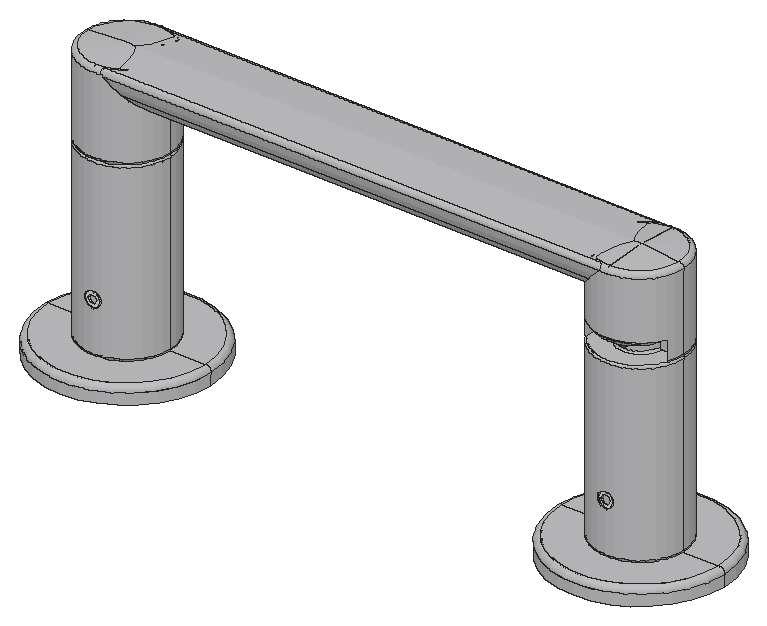
Revit family "Accessory-Tissue_Holder-KALLISTA-Capsule-P34141", category Specialty Equipment, host Face, Revit 2021
Family settings
  Host = Face
  Round Connector Dimension = Use Diameter
  Part Type = Normal
  OmniClass Number = 23.31.25.00
  OmniClass Title = Toilet and Bath Specialties
  Cut with Voids When Loaded = No
  Shared = No
  Room Calculation Point = No
Parameters (values of type "CP-Chrome")
  Width = 3 17/64"  # constant formula
  WaterSense Certified = 1 = 0  # no
  URL = "https://www.kallista.com/"
  Type = 1
  Product Page URL = ""
  Product Name = "Capsule"  # constant formula
  Product Documentation Link = ""
  Model = if(Type = 1, "P34141-00-CP", if(Type = 2, "P34141-00-SN", if(Type = 3, "P34141-00-BAF", if(Type = 4, "P34141-00-BL", if(Type = 5, "P34141-00-BN", "NA")))))  # "P34141-00-CP"
  Material = "Premium Metal Construction"  # constant formula
  Master Format 2014 Name = "Toilet, Bath, and Laundry Accessories"  # constant formula
  Master Format 2014 = "10 28 00"  # constant formula
  Manufacturer Address = "444 Highland Dr, Kohler, WI 53044"  # constant formula
  Manufacturer = "Kallista Co."  # constant formula
  Length = 7 253/256"  # constant formula
  Height = 1 31/32"  # constant formula
  Finish = Kallista-Metal-CP-Chrome
  Environmental Product Declaration = ""
  Description = "Capsule Toilet paper Holder"  # constant formula
  Default Elevation = 42"
  Declare Label = ""
  Date Modified = "08/31/2023"  # constant formula
  Date Created = "08/31/2023"  # constant formula
  Copyright = "Copyright Kallista Co."  # constant formula
  Contact Us = "https://www.kallista.com/corporate/contact-us/"
  Assembly Code = "C1030200"
  ADA Compliant = 1 = 0  # no
Types (6): name | Type | Model | Finish
  (no name) | 1 | "P34141-00-CP" | Kallista-Metal-CP-Chrome
  CP-Chrome | 1 | "P34141-00-CP" | Kallista-Metal-CP-Chrome
  SN-Polished Nickel | 2 | "P34141-00-SN" | Kallista-Metal-SN-Polished_Nickel
  BAF-Brushed French Gold | 3 | "P34141-00-BAF" | Kallista-Metal-BAF-Brushed_French_Gold
  BL-Matte Black | 4 | "P34141-00-BL" | Kalista-Metal-BL-Matte_Black
  BN-Brushed Nickel | 5 | "P34141-00-BN" | Kallista-Metal-BN-Brushed_Nickel
Reference planes (in)
  plane 1 "Center (Front/Back)": y = 0
  plane 2: z = 0
  plane 3 "Center (Left/Right)": x = 0
  plane 4: y = 0.98425
  plane 5: y = -0.9845
  plane 6: x = 3.99409
  plane 7: x = -3.99419
  plane 8: y = 0.50984
  plane 9: y = -0.50984
  plane 10: x = 3.00984
  plane 11: x = 2.02559
  plane 12: x = -3.00984
  plane 13: x = -2.02559
  plane 14: z = 3.26562
  plane 15: z = 3.22982
  plane 16: z = 2.76169
  plane 17: z = 0.19685
  plane 18: x = -3.51969
  plane 19: x = -2.5
  plane 20: x = 2.5
  plane 21: x = 3.51969
Dimensions and locks (in)
  "Height": plane 4 to plane 5
  "Length": plane 7 to plane 6
  plane 12 to plane 10 = 6.01969"
  plane 8 to plane 9 = 1.01969"  (x2)
  plane 18 to plane 19 = 1.01969"
  plane 11 to plane 6 = 1.9685"
  plane 14 to plane 16 = 0.50394"
  plane 7 to plane 6 = 7 253/256"
  plane 14 to level = 3 17/64"
  plane 4 to plane 5 = 1 31/32"
  "Width": level to plane 14
  aligned and locked: plane 2 to host face
  aligned and locked: level to host face
  aligned and locked: plane 6 to nested 1
Automatic sketch dimensions
  host sketch curve to host sketch curve = 96"  (x2)
Nested families (in)
  nested 1: "P34141" at (0, 0, 0), type "P34141"
Definition of nested family "P34141"
  Parameters
    Material = none
    Default Elevation = 0"
  Reference planes (in)
    plane 1 "Center (Front/Back)": y = 0
    plane 2: z = 0
    plane 3 "Center (Left/Right)": x = 0
    plane 4: y = 0.98425
    plane 5: y = -0.98425
    plane 6: x = -3.00984
    plane 7: x = 3.00984
    plane 8: x = -3.99409
    plane 9: x = 3.99409
    plane 10: x = -2.02559
    plane 11: x = 2.02559
    plane 12: y = 0.50984
    plane 13: y = -0.50984
    plane 14: x = -3.51969
    plane 15: x = -2.5
    plane 16: x = 2.5
    plane 17: x = 3.51969
    plane 18: z = 3.26378
    plane 19: z = 0.19685
    plane 20: z = 2.75984
    plane 21: z = 3.22982
  Forms (in)
    Revolve 1, solid, material <- "Material", detail levels medium+fine
      sketch origin (0, 0, 0) x (1, 0, 0) y (0, 0, 1)
        loop
          line (-3.99409, 0) -> (-3.00984, 0) -> (-3.00984, 2.25045) -> (-3.49988, 2.25045)
          arc (-3.49988, 2.25045) -> (-3.51388, 2.24465) -> (-3.51969, 2.23064) r 0.01981
          line (-3.51969, 2.23064) -> (-3.51969, 0.21524)
          arc (-3.51969, 0.21524) -> (-3.51354, 0.20147) -> (-3.4992, 0.19685) r 0.01849
          line (-3.4992, 0.19685) -> (-3.92673, 0.19685)
          arc (-3.92673, 0.19685) -> (-3.97436, 0.17712) -> (-3.99409, 0.12948) r 0.06737
          line (-3.99409, 0.12948) -> (-3.99409, 0)
        axis (-3.00984, 2.25045) -> (-3.00984, 0)
      angle from 0 to 360
    Revolve 2, solid, material <- "Material", detail levels medium+fine
      sketch origin (0, 0, 0) x (1, 0, 0) y (0, 0, 1)
        loop
          line (-3.00984, 3.2645) -> (-3.46466, 3.23104)
          arc (-3.46466, 3.23104) -> (-3.5038, 3.21224) -> (-3.51969, 3.17182) r 0.05938
          line (-3.51969, 3.17182) -> (-3.51969, 2.27724)
          arc (-3.51969, 2.27724) -> (-3.51394, 2.26337) -> (-3.50007, 2.25763) r 0.01961
          line (-3.50007, 2.25763) -> (-3.45324, 2.25763)
          arc (-3.45324, 2.25763) -> (-3.43761, 2.25582) -> (-3.42281, 2.25047) r 0.06821
          line (-3.42281, 2.25047) -> (-3.00984, 2.25047) -> (-3.00984, 3.2645)
        axis (-3.00984, 3.2645) -> (-3.00984, 2.25047)
      angle from 0 to 360
    Extrusion 3, solid, material <- "Material", detail levels medium+fine
      sketch origin (0, 0, 0) x (0, 1, 0) y (0, 0, 1)
        loop
          arc (0.4244, 2.97728) -> (0.47314, 3.06845) -> (0.50251, 3.16757) r 0.51058
          arc (0.50251, 3.16757) -> (0.49397, 3.20606) -> (0.4602, 3.22643) r 0.05004
          arc (0.4602, 3.22643) -> (0.00344, 3.25827) -> (-0.45342, 3.22783) r 3.366
          arc (-0.45342, 3.22783) -> (-0.49079, 3.20529) -> (-0.49996, 3.16263) r 0.05497
          arc (-0.49996, 3.16263) -> (-0.47059, 3.06613) -> (-0.42281, 2.97728) r 0.51058
          arc (-0.42281, 2.97728) -> (0.0008, 2.75174) -> (0.4244, 2.97728) r 0.51058
      from -3.008 to 3.01326
    Revolve 4, solid, material <- "Material", detail levels medium+fine
      sketch origin (0, 0, 0) x (-1, 0, 0) y (0, 0, -1)
        loop
          line (-3.99409, 0) -> (-3.99409, -0.12948)
          arc (-3.99409, -0.12948) -> (-3.97436, -0.17712) -> (-3.92673, -0.19685) r 0.06737
          line (-3.92673, -0.19685) -> (-3.4992, -0.19685)
          arc (-3.4992, -0.19685) -> (-3.51354, -0.20147) -> (-3.51969, -0.21524) r 0.01849
          line (-3.51969, -0.21524) -> (-3.51969, -2.23064)
          arc (-3.51969, -2.23064) -> (-3.51388, -2.24465) -> (-3.49988, -2.25045) r 0.01981
          line (-3.49988, -2.25045) -> (-3.00984, -2.25045) -> (-3.00984, 0) -> (-3.99409, 0)
        axis (-3.00984, -2.25045) -> (-3.00984, 0)
      angle from 0 to 360
    Revolve 5, solid, material <- "Material", detail levels medium+fine
      sketch origin (0, 0, 0) x (-1, 0, 0) y (0, 0, -1)
        loop
          line (-3.00984, -3.2645) -> (-3.00984, -2.25763) -> (-3.50007, -2.25763)
          arc (-3.50007, -2.25763) -> (-3.51394, -2.26337) -> (-3.51969, -2.27724) r 0.01961
          line (-3.51969, -2.27724) -> (-3.51969, -3.17182)
          arc (-3.51969, -3.17182) -> (-3.5038, -3.21224) -> (-3.46466, -3.23104) r 0.05938
          line (-3.46466, -3.23104) -> (-3.00984, -3.2645)
        axis (-3.00984, -3.2645) -> (-3.00984, -2.25763)
      angle from 0 to 360
    Extrusion 6, void
      sketch origin (0, 0, 0) x (0, 1, 0) y (0, 0, 1)
        loop
          line (-0.54248, 2.50197) -> (-0.54248, 2.21692) -> (-0.03487, 2.21692) -> (-0.03487, 2.50197) -> (-0.54248, 2.50197)
      from 2.5855 to 3.48109
    Revolve 7, solid, material <- "Material", detail levels medium+fine
      sketch origin (0, 0, 0) x (1, 0, 0) y (0, 0, 1)
        loop
          line (3.0127, 2.44768) -> (2.80004, 2.44768)
          arc (2.80004, 2.44768) -> (2.77074, 2.43555) -> (2.75861, 2.40625) r 0.04143
          line (2.75861, 2.40625) -> (2.75861, 2.27682)
          arc (2.75861, 2.27682) -> (2.74815, 2.24963) -> (2.72216, 2.23645) r 0.04058
          line (2.72216, 2.23645) -> (3.0127, 2.23645) -> (3.0127, 2.44768)
        axis (3.0127, 2.44768) -> (3.0127, 2.23645)
      angle from 0 to 360
    Extrusion 8, void
      sketch origin (0, 0, 0) x (1, 0, 0) y (0, 0, 1)
        loop
          circle (3.01356, 2.33583) r 0.04992
      from 0.19458 to 0.31142
    Revolve 9, solid, material <- "Material", detail levels medium+fine
      sketch origin (3.0208, 0, 0) x (0, 1, 0) y (0, 0, 1)
        loop
          line (-0.47164, 2.45502) -> (-0.08681, 2.45502) -> (-0.08681, 2.5112) -> (-0.4914, 2.5112) -> (-0.4914, 2.47477)
          arc (-0.4914, 2.47477) -> (-0.48561, 2.4608) -> (-0.47164, 2.45502) r 0.01976
        axis (-0.08681, 2.45502) -> (-0.08681, 2.5112)
      angle from 0 to 360
    Extrusion 10, solid, detail levels medium+fine
      sketch origin (0, 0, 0) x (1, 0, 0) y (0, 0, 1)
        loop
          line (-2.97662, 0.83661) -> (-3.03344, 0.83661) -> (-3.06185, 0.7874) -> (-3.03344, 0.73819) -> (-2.97662, 0.73819) -> (-2.9482, 0.7874) -> (-2.97662, 0.83661)
        loop
          arc (-2.92629, 0.7874) -> (-2.94935, 0.84308) -> (-3.00503, 0.86614) r 0.07874
          arc (-3.00503, 0.86614) -> (-3.06071, 0.84308) -> (-3.08377, 0.7874) r 0.07874
          arc (-3.08377, 0.7874) -> (-3.06071, 0.73172) -> (-3.00503, 0.70866) r 0.07874
          arc (-3.00503, 0.70866) -> (-2.94935, 0.73172) -> (-2.92629, 0.7874) r 0.07874
      from 0.39404 to 0.50919
    Blend 11, void
      base sketch origin (0, 0, 0) x (1, 0, 0) y (0, 0, 1)
        loop
          circle (-3.00503, 0.7874) r 0.10372
      top sketch origin (0, 0, 0) x (1, 0, 0) y (0, 0, 1)
        loop
          circle (-3.00503, 0.7874) r 0.08287
      from 0.48781 to 0.52805
    Extrusion 12, solid, detail levels medium+fine
      sketch origin (0, 0, 0) x (-1, 0, 0) y (0, 0, -1)
        loop
          line (-2.97662, -0.83661) -> (-2.9482, -0.7874) -> (-2.97662, -0.73819) -> (-3.03344, -0.73819) -> (-3.06185, -0.7874) -> (-3.03344, -0.83661) -> (-2.97662, -0.83661)
        loop
          arc (-2.92629, -0.7874) -> (-2.94935, -0.73172) -> (-3.00503, -0.70866) r 0.07874
          arc (-3.00503, -0.70866) -> (-3.06071, -0.73172) -> (-3.08377, -0.7874) r 0.07874
          arc (-3.08377, -0.7874) -> (-3.06071, -0.84308) -> (-3.00503, -0.86614) r 0.07874
          arc (-3.00503, -0.86614) -> (-2.94935, -0.84308) -> (-2.92629, -0.7874) r 0.07874
      from 0.39404 to 0.50042
    Blend 13, void
      base sketch origin (0, 0, 0) x (-1, 0, 0) y (0, 0, -1)
        loop
          circle (-3.00503, -0.7874) r 0.10372
      top sketch origin (0, 0, 0) x (-1, 0, 0) y (0, 0, -1)
        loop
          circle (-3.00503, -0.7874) r 0.08287
      from 0.48781 to 0.52805
    Extrusion 14, solid, material <- "Material", detail levels coarse
      sketch origin (0, 0, 0) x (1, 0, 0) y (0, 1, 0)
        loop
          arc (-3.01859, 0.50984) -> (-3.52843, 0) -> (-3.01859, -0.50984) r 0.50984
          line (-3.01859, -0.50984) -> (3.01444, -0.50984)
          arc (3.01444, -0.50984) -> (3.52428, 0) -> (3.01444, 0.50984) r 0.50984
          line (3.01444, 0.50984) -> (-3.01859, 0.50984)
      from 2.76969 to 3.26274
    Revolve 15, solid, material <- "Material", detail levels coarse
      sketch origin (0, 0, 0) x (1, 0, 0) y (0, 0, 1)
        loop
          line (-3.00984, 2.77854) -> (-3.51969, 2.77854) -> (-3.51969, 0.19685) -> (-3.99409, 0.19685) -> (-3.99409, 0) -> (-3.00984, 0) -> (-3.00984, 2.77854)
        axis (-3.00984, 0) -> (-3.00984, 2.77854)
      angle from 0 to 360
    Revolve 16, solid, material <- "Material", detail levels coarse
      sketch origin (0, 0, 0) x (-1, 0, 0) y (0, 0, -1)
        loop
          line (-3.00984, -2.77826) -> (-3.00984, 0) -> (-3.99409, 0) -> (-3.99409, -0.19685) -> (-3.51969, -0.19685) -> (-3.51969, -2.77826) -> (-3.00984, -2.77826)
        axis (-3.00984, 0) -> (-3.00984, -2.77826)
      angle from 0 to 360
    Extrusion 17, solid, detail levels coarse
      sketch origin (0, 0, 0) x (1, 0, 0) y (0, 0, 1)
        loop
          circle (-2.99665, 0.7895) r 0.10446
      from 0.48004 to 0.51157
    Extrusion 18, solid, detail levels coarse
      sketch origin (0, 0, 0) x (-1, 0, 0) y (0, 0, -1)
        loop
          circle (-2.99665, -0.7895) r 0.10446
      from 0.48004 to 0.51157
    Extrusion 19, solid, detail levels medium+fine
      sketch origin (0, 0, 0) x (1, 0, 0) y (0, 0, 1)
        loop
          circle (3.01356, 2.33583) r 0.04598
      from 0.23175 to 0.26182
    Extrusion 20, void
      sketch origin (0, 0, 0) x (0, 1, 0) y (0, 0, 1)
        loop
          line (-0.52115, 2.5313) -> (-0.52115, 2.25499) -> (-0.3243, 2.25499) -> (-0.3243, 2.5313) -> (-0.52115, 2.5313)
      from 2.41397 to 3.54474
    Extrusion 21, solid, detail levels coarse
      sketch origin (0, 0, 0) x (1, 0, 0) y (0, 0, 1)
        loop
          circle (2.98749, 2.38285) r 0.04593
      from 0.30974 to 0.34463
  Cuts and joins
    Extrusion 6 cuts Revolve 5
    Extrusion 8 cuts Revolve 7
    Blend 11, Blend 13 cuts Revolve 1
    Blend 13 cuts Extrusion 10
    joined: Extrusion 10, Extrusion 12
    Blend 13 cuts Revolve 4
    Extrusion 20 cuts Revolve 16
    joined: Revolve 15, Revolve 16
  Lines and regions (in)
    Masking region 1
      outline origin (0, 0, 0) x (1, 0, 0) y (0, 1, 0)
        loop
          arc (-2.16793, 0.50984) -> (-3.99409, 0) -> (-2.16793, -0.50984) r 0.98425
          line (-2.16793, -0.50984) -> (2.16512, -0.50984)
          arc (2.16512, -0.50984) -> (3.9965, 0) -> (2.16512, 0.50984) r 0.98666
          line (2.16512, 0.50984) -> (-2.16793, 0.50984)
    Masking region 2
      outline origin (0, 0, 0) x (1, 0, 0) y (0, 0, 1)
        loop
          line (3.51969, 0.21776) -> (3.51969, 2.2182)
          arc (3.51969, 2.2182) -> (3.51369, 2.23267) -> (3.49922, 2.23866) r 0.02046
          line (3.49922, 2.23866) -> (3.30334, 2.23866)
          arc (3.30334, 2.23866) -> (3.28451, 2.24397) -> (3.27122, 2.25834) r 0.03606
          line (3.27122, 2.25834) -> (3.4991, 2.25834)
          arc (3.4991, 2.25834) -> (3.51365, 2.26437) -> (3.51969, 2.27893) r 0.02059
          line (3.51969, 2.27893) -> (3.51969, 3.19697)
          arc (3.51969, 3.19697) -> (3.5112, 3.21894) -> (3.49014, 3.2295) r 0.03268
          arc (3.49014, 3.2295) -> (3.13454, 3.25521) -> (2.77811, 3.26378) r 7.41262
          line (2.77811, 3.26378) -> (-2.70296, 3.26378)
          arc (-2.70296, 3.26378) -> (-3.09001, 3.25538) -> (-3.47633, 3.2302) r 8.92179
          arc (-3.47633, 3.2302) -> (-3.50721, 3.21499) -> (-3.51969, 3.18291) r 0.04746
          line (-3.51969, 3.18291) -> (-3.51969, 2.27893)
          arc (-3.51969, 2.27893) -> (-3.51365, 2.26437) -> (-3.4991, 2.25834) r 0.02059
          line (-3.4991, 2.25834) -> (-3.27122, 2.25834)
          arc (-3.27122, 2.25834) -> (-3.28451, 2.24397) -> (-3.30334, 2.23866) r 0.03606
          line (-3.30334, 2.23866) -> (-3.49922, 2.23866)
          arc (-3.49922, 2.23866) -> (-3.51369, 2.23267) -> (-3.51969, 2.2182) r 0.02046
          line (-3.51969, 2.2182) -> (-3.51969, 0.21776)
          arc (-3.51969, 0.21776) -> (-3.51421, 0.20362) -> (-3.50064, 0.19685) r 0.021
          line (-3.50064, 0.19685) -> (-3.94201, 0.19685)
          arc (-3.94201, 0.19685) -> (-3.97884, 0.18159) -> (-3.99409, 0.14477) r 0.05209
          line (-3.99409, 0.14477) -> (-3.99409, 0) -> (-2.02559, 0) -> (-2.02559, 0.13422)
          arc (-2.02559, 0.13422) -> (-2.04393, 0.17851) -> (-2.08822, 0.19685) r 0.06263
          line (-2.08822, 0.19685) -> (-2.51904, 0.19685)
          arc (-2.51904, 0.19685) -> (-2.50547, 0.20362) -> (-2.5, 0.21776) r 0.021
          line (-2.5, 0.21776) -> (-2.5, 2.2182)
          arc (-2.5, 2.2182) -> (-2.50599, 2.23267) -> (-2.52046, 2.23866) r 0.02046
          line (-2.52046, 2.23866) -> (-2.71634, 2.23866)
          arc (-2.71634, 2.23866) -> (-2.73518, 2.24397) -> (-2.74847, 2.25834) r 0.03606
          line (-2.74847, 2.25834) -> (-2.52059, 2.25834)
          arc (-2.52059, 2.25834) -> (-2.50603, 2.26437) -> (-2.5, 2.27893) r 0.02059
          line (-2.5, 2.27893) -> (-2.5, 2.41373)
          arc (-2.5, 2.41373) -> (-2.39863, 2.65847) -> (-2.15388, 2.75984) r 0.34612
          line (-2.15388, 2.75984) -> (2.17707, 2.75984)
          arc (2.17707, 2.75984) -> (2.40542, 2.66526) -> (2.5, 2.43692) r 0.32293
          line (2.5, 2.43692) -> (2.5, 2.27893)
          arc (2.5, 2.27893) -> (2.50603, 2.26437) -> (2.52059, 2.25834) r 0.02059
          line (2.52059, 2.25834) -> (2.74847, 2.25834)
          arc (2.74847, 2.25834) -> (2.73518, 2.24397) -> (2.71634, 2.23866) r 0.03606
          line (2.71634, 2.23866) -> (2.52046, 2.23866)
          arc (2.52046, 2.23866) -> (2.50599, 2.23267) -> (2.5, 2.2182) r 0.02046
          line (2.5, 2.2182) -> (2.5, 0.21776)
          arc (2.5, 0.21776) -> (2.50547, 0.20362) -> (2.51904, 0.19685) r 0.021
          line (2.51904, 0.19685) -> (2.08822, 0.19685)
          arc (2.08822, 0.19685) -> (2.04393, 0.17851) -> (2.02559, 0.13422) r 0.06263
          line (2.02559, 0.13422) -> (2.02559, 0) -> (3.99409, 0) -> (3.99409, 0.14477)
          arc (3.99409, 0.14477) -> (3.97884, 0.18159) -> (3.94201, 0.19685) r 0.05209
          line (3.94201, 0.19685) -> (3.50064, 0.19685)
          arc (3.50064, 0.19685) -> (3.51421, 0.20362) -> (3.51969, 0.21776) r 0.021
    Masking region 3
      outline origin (0, 0, 0) x (0, 1, 0) y (0, 0, 1)
        loop
          line (0.98425, 0) -> (0.98425, 0.14088)
          arc (0.98425, 0.14088) -> (0.96786, 0.18046) -> (0.92829, 0.19685) r 0.05597
          line (0.92829, 0.19685) -> (0.49005, 0.19685)
          arc (0.49005, 0.19685) -> (0.50423, 0.20494) -> (0.50984, 0.22027) r 0.02375
          line (0.50984, 0.22027) -> (0.50984, 2.22781)
          arc (0.50984, 2.22781) -> (0.50338, 2.24342) -> (0.48777, 2.24988) r 0.02207
          line (0.48777, 2.24988) -> (0.41801, 2.24988)
          arc (0.41801, 2.24988) -> (0.43265, 2.25552) -> (0.44822, 2.25744) r 0.0642
          line (0.44822, 2.25744) -> (0.48943, 2.25744)
          arc (0.48943, 2.25744) -> (0.50386, 2.26342) -> (0.50984, 2.27785) r 0.02042
          line (0.50984, 2.27785) -> (0.50984, 3.19073)
          arc (0.50984, 3.19073) -> (0.49868, 3.22006) -> (0.47085, 3.23454) r 0.04411
          arc (0.47085, 3.23454) -> (0.32164, 3.24943) -> (0.17202, 3.25931) r 4.48182
          arc (0.17202, 3.25931) -> (-0.01172, 3.26383) -> (-0.19547, 3.25931) r 3.73402
          arc (-0.19547, 3.25931) -> (-0.33321, 3.24997) -> (-0.47052, 3.23554) r 3.73402
          arc (-0.47052, 3.23554) -> (-0.4986, 3.22074) -> (-0.50984, 3.19105) r 0.04483
          line (-0.50984, 3.19105) -> (-0.50984, 2.27785)
          arc (-0.50984, 2.27785) -> (-0.50386, 2.26342) -> (-0.48943, 2.25744) r 0.02042
          line (-0.48943, 2.25744) -> (-0.44822, 2.25744)
          arc (-0.44822, 2.25744) -> (-0.43265, 2.25552) -> (-0.41801, 2.24988) r 0.0642
          line (-0.41801, 2.24988) -> (-0.48777, 2.24988)
          arc (-0.48777, 2.24988) -> (-0.50338, 2.24342) -> (-0.50984, 2.22781) r 0.02207
          line (-0.50984, 2.22781) -> (-0.50984, 0.22027)
          arc (-0.50984, 0.22027) -> (-0.50423, 0.20494) -> (-0.49005, 0.19685) r 0.02375
          line (-0.49005, 0.19685) -> (-0.92565, 0.19685)
          arc (-0.92565, 0.19685) -> (-0.96709, 0.17969) -> (-0.98425, 0.13825) r 0.0586
          line (-0.98425, 0.13825) -> (-0.98425, 0) -> (0.98425, 0)
    symbolic lines, detail levels medium+fine
      curve 1: arc (-2.24309, 0.50984, 0) -> (-3.93063, 0, 0) -> (-2.24309, -0.50984, 0) r 0.92078
      curve 2: line (-2.24309, 0.50984, 0) -> (-3.00191, 0.50984, 0)
      curve 3: line (-2.24309, -0.50984, 0) -> (-3.00191, -0.50984, 0)
      curve 4: arc (-3.00191, 0.50984, 0) -> (-3.51175, 0, 0) -> (-3.00191, -0.50984, 0) r 0.50984
      curve 5: arc (2.24309, 0.50984, 0) -> (3.93063, 0, 0) -> (2.24309, -0.50984, 0) r 0.92078
      curve 6: line (2.24309, 0.50984, 0) -> (3.01519, 0.50984, 0)
      curve 7: line (2.24309, -0.50984, 0) -> (3.01519, -0.50984, 0)
      curve 8: arc (3.01519, 0.50984, 0) -> (3.52503, 0, 0) -> (3.01519, -0.50984, 0) r 0.50984
      curve 9: arc (-3.00191, 0.47835, 0) -> (-3.48026, 0, 0) -> (-3.00191, -0.47835, 0) r 0.47835
      curve 10: line (-2.22306, 0.47835, 0) -> (-3.00191, 0.47835, 0)
      curve 11: line (-2.16793, -0.47835, 0) -> (-3.00191, -0.47835, 0)
      curve 12: line (2.22306, -0.47835, 0) -> (-2.16793, -0.47835, 0)
      curve 13: line (2.22306, 0.47835, 0) -> (-2.22306, 0.47835, 0)
      curve 14: arc (3.01519, 0.47835, 0) -> (3.49354, 0, 0) -> (3.01519, -0.47835, 0) r 0.47835
      curve 15: line (2.22306, 0.47835, 0) -> (3.01519, 0.47835, 0)
      curve 16: line (2.22306, -0.47835, 0) -> (3.01519, -0.47835, 0)
      curve 17: line (-2.24309, 0.50984, 0) -> (-1.45569, 0.50984, 0)
      curve 18: line (-2.24309, -0.50984, 0) -> (-1.90388, -0.50984, 0)
      curve 19: line (2.24309, 0.50984, 0) -> (1.84939, 0.50984, 0)
      curve 20: line (2.24309, -0.50984, 0) -> (1.97919, -0.50984, 0)
      curve 21: line (3.99409, 0, 0.14477) -> (2.02559, 0, 0.14477)
      curve 22: line (3.50064, 0, 0.19685) -> (2.51904, 0, 0.19685)
      curve 23: line (3.51969, 0, 0.21776) -> (2.5, 0, 0.21776)
      curve 24: line (3.51969, 0, 2.27893) -> (2.5, 0, 2.27893)
      curve 25: line (3.51969, 0, 2.2182) -> (2.5, 0, 2.2182)
      curve 26: line (3.27122, 0, 2.25834) -> (2.74847, 0, 2.25834)
      curve 27: line (3.30334, 0, 2.23867) -> (2.71634, 0, 2.23867)
      curve 28: line (-3.51969, 0, 3.18291) -> (3.51969, 0, 3.18291)
      curve 29: line (3.49014, 0, 3.2295) -> (-3.47952, 0, 3.2295)
      curve 30: line (-2.5, 0, 2.27893) -> (-3.51969, 0, 2.27893)
      curve 31: line (-2.71634, 0, 2.23867) -> (-3.30334, 0, 2.23867)
      curve 32: line (-2.74847, 0, 2.25834) -> (-3.27122, 0, 2.25834)
      curve 33: line (-2.51904, 0, 0.19685) -> (-3.50064, 0, 0.19685)
      curve 34: line (-2.02559, 0, 0.13423) -> (-3.99409, 0, 0.13423)
      curve 35: line (-2.5, 0, 0.21776) -> (-3.51969, 0, 0.21776)
      curve 36: line (0, 0.49005, 0.19685) -> (0, -0.49005, 0.19685)
      curve 37: line (0, 0.98425, 0.14088) -> (0, -0.98425, 0.14088)
      curve 38: line (0, 0.50984, 0.22027) -> (0, -0.50984, 0.22027)
      curve 39: line (0, 0.41801, 2.24988) -> (0, -0.41801, 2.24988)
      curve 40: line (0, 0.50984, 2.22781) -> (0, -0.50984, 2.22781)
      curve 41: line (0, 0.50984, 2.27785) -> (0, -0.50984, 2.27785)
      curve 42: line (0, 0.44822, 2.25744) -> (0, -0.44822, 2.25744)
      curve 43: line (0, 0.50984, 3.19073) -> (0, -0.509, 3.19073)
      curve 44: line (0, 0.47085, 3.23454) -> (0, -0.47364, 3.23454)
  Dimensions and locks (in)
    plane 18 to plane 2 = 3.26378"
    plane 20 to plane 2 = 2.75984"
    plane 18 to plane 20 = 0.50394"
    plane 8 to plane 9 = 7.98819"
    plane 6 to plane 7 = 6.01969"  (x2)
    plane 8 to plane 10 = 1.9685"
    plane 11 to plane 9 = 1.9685"
    plane 5 to plane 4 = 1.9685"
    plane 9 to plane 8 = 7.98819"
    level to plane 18 = 3.26378"
    plane 7 to plane 6 = 6.01969"
    plane 9 to plane 11 = 1.9685"
    level to plane 19 = 0.19685"
    plane 20 to plane 18 = 0.50394"
    plane 4 to plane 5 = 1.9685"
    plane 12 to plane 13 = 1.01969"
    plane 19 to level = 0.19685"
    plane 18 to level = 3.26378"
    aligned and locked: plane 2 to level
